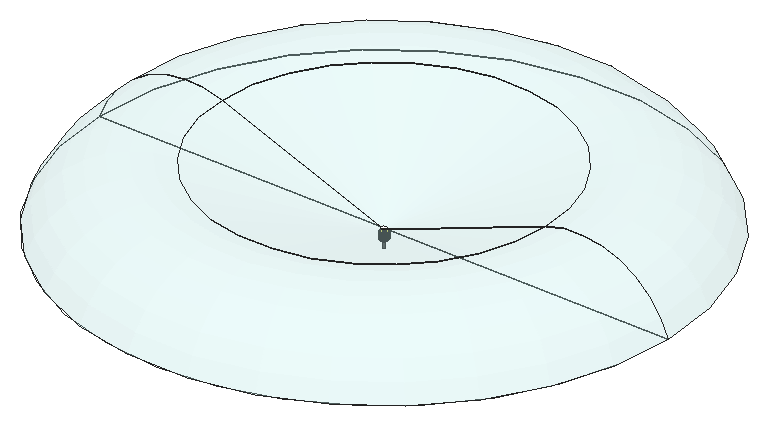
Revit family "VAN Series Nozzles", category Conexões de tubo, Revit 2020 (continued)
Definition of nested family "BOCAL RE-VAN"
  Forms (ft)
    Extrusion 7, solid, material <- "Material 1"
      sketch origin (0, 0, 0) x (1, 0, 0) y (0, 1, 0)
        loop
          arc (0.008612, -0.037674) -> (0.006711, -0.038058) -> (0.004793, -0.038347) r 0.038645
        loop
          arc (-0.008612, 0.037674) -> (-0.006711, 0.038058) -> (-0.004793, 0.038347) r 0.038645
          line (-0.004793, 0.038347) -> (-0.005318, 0.041326)
          arc (-0.005318, 0.041326) -> (-0.007235, 0.041034) -> (-0.009137, 0.040653) r 0.041667
          line (-0.009137, 0.040653) -> (-0.008612, 0.037674)
        loop
          line (0.011379, -0.036932) -> (0.012413, -0.039775)
          arc (0.012413, -0.039775) -> (0.014251, -0.039154) -> (0.016057, -0.038448) r 0.041667
          line (0.016057, -0.038448) -> (0.015023, -0.035606)
          arc (0.015023, -0.035606) -> (0.013218, -0.036315) -> (0.011379, -0.036932) r 0.038645
        loop
          arc (-0.015023, 0.035606) -> (-0.013218, 0.036315) -> (-0.011379, 0.036932) r 0.038645
          line (-0.011379, 0.036932) -> (-0.012413, 0.039775)
          arc (-0.012413, 0.039775) -> (-0.014251, 0.039154) -> (-0.016057, 0.038448) r 0.041667
          line (-0.016057, 0.038448) -> (-0.015023, 0.035606)
        loop
          line (0.017619, -0.034395) -> (0.019132, -0.037015)
          arc (0.019132, -0.037015) -> (0.020833, -0.036084) -> (0.02249, -0.035076) r 0.041667
          line (0.02249, -0.035076) -> (0.020978, -0.032456)
          arc (0.020978, -0.032456) -> (0.019323, -0.033468) -> (0.017619, -0.034395) r 0.038645
        loop
          arc (-0.020978, 0.032456) -> (-0.019323, 0.033468) -> (-0.017619, 0.034395) r 0.038645
          line (-0.017619, 0.034395) -> (-0.019132, 0.037015)
          arc (-0.019132, 0.037015) -> (-0.020833, 0.036084) -> (-0.02249, 0.035076) r 0.041667
          line (-0.02249, 0.035076) -> (-0.020978, 0.032456)
        loop
          line (0.023324, -0.030813) -> (0.025268, -0.03313)
          arc (0.025268, -0.03313) -> (0.026783, -0.031919) -> (0.028239, -0.030638) r 0.041667
          line (0.028239, -0.030638) -> (0.026295, -0.028321)
          arc (0.026295, -0.028321) -> (0.024841, -0.029604) -> (0.023324, -0.030813) r 0.038645
        loop
          arc (-0.026295, 0.028321) -> (-0.024841, 0.029604) -> (-0.023324, 0.030813) r 0.038645
          line (-0.023324, 0.030813) -> (-0.025268, 0.03313)
          arc (-0.025268, 0.03313) -> (-0.026783, 0.031919) -> (-0.028239, 0.030638) r 0.041667
          line (-0.028239, 0.030638) -> (-0.026295, 0.028321)
        loop
          line (0.028321, -0.026295) -> (0.030638, -0.028239)
          arc (0.030638, -0.028239) -> (0.031919, -0.026783) -> (0.03313, -0.025268) r 0.041667
          line (0.03313, -0.025268) -> (0.030813, -0.023324)
          arc (0.030813, -0.023324) -> (0.029604, -0.024841) -> (0.028321, -0.026295) r 0.038645
        loop
          arc (-0.030813, 0.023324) -> (-0.029604, 0.024841) -> (-0.028321, 0.026295) r 0.038645
          line (-0.028321, 0.026295) -> (-0.030638, 0.028239)
          arc (-0.030638, 0.028239) -> (-0.031919, 0.026783) -> (-0.03313, 0.025268) r 0.041667
          line (-0.03313, 0.025268) -> (-0.030813, 0.023324)
        loop
          line (0.032456, -0.020978) -> (0.035076, -0.02249)
          arc (0.035076, -0.02249) -> (0.036084, -0.020833) -> (0.037015, -0.019132) r 0.041667
          line (0.037015, -0.019132) -> (0.034395, -0.017619)
          arc (0.034395, -0.017619) -> (0.033468, -0.019323) -> (0.032456, -0.020978) r 0.038645
        loop
          arc (-0.034395, 0.017619) -> (-0.033468, 0.019323) -> (-0.032456, 0.020978) r 0.038645
          line (-0.032456, 0.020978) -> (-0.035076, 0.02249)
          arc (-0.035076, 0.02249) -> (-0.036084, 0.020833) -> (-0.037015, 0.019132) r 0.041667
          line (-0.037015, 0.019132) -> (-0.034395, 0.017619)
        loop
          line (0.035863, -0.014399) -> (0.038723, -0.015384)
          arc (0.038723, -0.015384) -> (0.039397, -0.013565) -> (0.039985, -0.011717) r 0.041667
          line (0.039985, -0.011717) -> (0.037125, -0.010733)
          arc (0.037125, -0.010733) -> (0.03654, -0.012582) -> (0.035863, -0.014399) r 0.038645
        loop
          arc (-0.037125, 0.010733) -> (-0.03654, 0.012582) -> (-0.035863, 0.014399) r 0.038645
          line (-0.035863, 0.014399) -> (-0.038723, 0.015384)
          arc (-0.038723, 0.015384) -> (-0.039397, 0.013565) -> (-0.039985, 0.011717) r 0.041667
          line (-0.039985, 0.011717) -> (-0.037125, 0.010733)
        loop
          line (0.037818, -0.007953) -> (0.040806, -0.008426)
          arc (0.040806, -0.008426) -> (0.041154, -0.006518) -> (0.041412, -0.004596) r 0.041667
          line (0.041412, -0.004596) -> (0.038425, -0.004123)
          arc (0.038425, -0.004123) -> (0.03817, -0.006045) -> (0.037818, -0.007953) r 0.038645
        loop
          arc (-0.038425, 0.004123) -> (-0.03817, 0.006045) -> (-0.037818, 0.007953) r 0.038645
          line (-0.037818, 0.007953) -> (-0.040806, 0.008426)
          arc (-0.040806, 0.008426) -> (-0.041154, 0.006518) -> (-0.041412, 0.004596) r 0.041667
          line (-0.041412, 0.004596) -> (-0.038425, 0.004123)
      from 0.019435 to 0.053692
  Cuts and joins
    joined: Extrusion 1, Extrusion 2
    joined: Extrusion 4, Extrusion 5
  Dimensions and locks (ft)
    cut or joined group of Extrusion 1, Extrusion 2 to cut or joined group of Extrusion 1, Extrusion 2 = 0.069223 ft
    aligned and locked: level to plane 2
Types (7, lengths in ft): name | Type | RainBird: Description | Radius | Plastic 2 | Modelo | Flow | DT7 | DT4 | DT3 | DT5 | Blue Plastic
  8 Series VAN | 3 | "Spray Nozzles 8 Series VAN" | 6 | Green | "8 VAN" | 1.21 GPM | 24 | 30 | 2.0382 | 3.6 | Transparent Plastic
  10 Series VAN | 4 | "Spray Nozzles 10 Series VAN" | 7 | Brown | "10 VAN" | 1.93 GPM | 28 | 35 | 2.3779 | 4.2 | Blue Plastic
  12 Series VAN | 5 | " Spray Nozzles 12 Series VAN " | 9 | Blue Plastic | "12 VAN" | 1.56 GPM | 36 | 45 | 3.0573 | 5.4 | Transparent Plastic
  15 Series VAN | 5 | " Spray Nozzles 12 Series VAN " | 9 | Black Plastic | "15 VAN" | 1.56 GPM | 36 | 45 | 3.0573 | 5.4 | Transparent Plastic
  4 Series VAN | 1 | "Spray Nozzles 4 Series VAN" | 3 | Yellow Plastic | "4 VAN" | 0.62 GPM | 12 | 15 | 1.0191 | 1.8 | Transparent Plastic
  6 Series VAN | 2 | "Spray Nozzles 6 Series VAN" | 4 | Laranjado | "6 VAN" | 0.85 GPM | 16 | 20 | 1.3588 | 2.4 | Transparent Plastic
  18 Series VAN | 7 | "Spray Nozzles 18 Series VAN" | 14 | Yellow Plastic | "18 VAN" | 4.21 GPM | 56 | 70 | 4.7558 | 8.4 | Transparent Plastic
